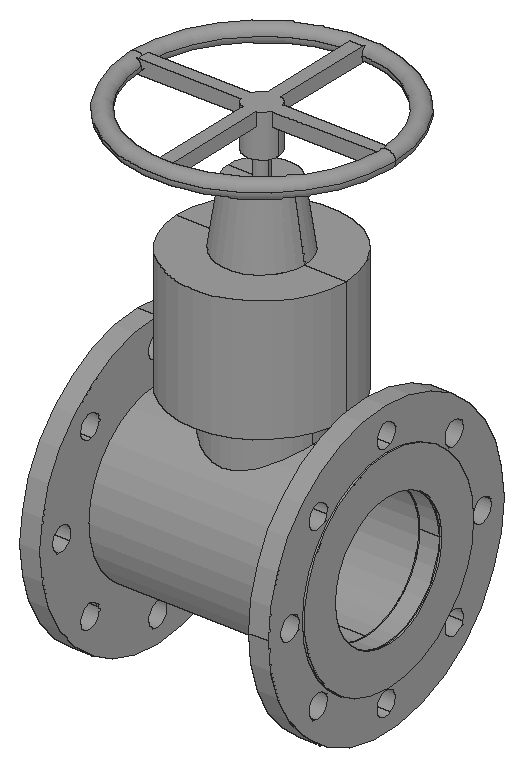
Revit family "2M_Gate Valve_UNIVAL_GAV-0302 - 50-300 mm", category Pipe Accessories, Revit 2016
Family settings
  Part Type = Valve - Breaks Into
  Round Connector Dimension = Use Diameter
  OmniClass Number = 23.65.55.14.17
  OmniClass Title = Adjusting/Controlling Valves for Liquid Services
  Work Plane-Based = No
  Always vertical = Yes
  Cut with Voids When Loaded = No
  Shared = No
Parameters (values of type "DN100")
  WheelBed_L = L / 150 * 25  # 31.667 mm
  Symbol_w = L * 0.58  # 110.2 mm
  K Coefficient Table = "Gate Valve Flanged"
  Gasket Material = "EPDM"
  Flange_w = 17 mm
  Flange = M_Flange - 15-450 mm : DN100
  Disc Material = "Elastomer coated"
  D = 220 mm
  Body_y2 = L / 4  # 47.5 mm
  Body_y1 = DN / 2 + 40 mm  # 90 mm
  Body_r2 = L / 150 * 30  # 38 mm
  Body_r1 = L / 150 * 50  # 63.333 mm
  Connection_r = DN / 2  # 50 mm
  Wheel_D = L / 150 * 10  # 12.667 mm
  WheelProfile_w = L / 150 * 8  # 10.133 mm
  WheelCenter_r = (C - Wheel_D) / 2  # 93.667 mm
  WheelBed_D = L / 150 * 20  # 25.333 mm
  Shaft_L = L / 150 * 15  # 19 mm
  Shaft_D = L / 150 * 8  # 10.133 mm
  L1 = L - 2 * Flange_w  # 156 mm
  L = 190 mm
  built-in parameter 1114242 [instance] = 1
  URL = "http://www.unival.com.tr/"
  Pressure Rating = "PN16 / PN25"
  Model = "GAV-0302X100"
  Max. Working Temperature = "120°C"
  Manufacturer = "Giacomini Unival\r\nGiacomini Unival\r\nGiacomini Unival"
  Loss Method = K Coefficient from Table
  H = 281 mm
  Colour = UNIVAL_Blue
  Description TR = "Sürgülü vana"
  Description = "Gate valve"
  DN = 100 mm
  Connection Type = "Flanged"
  Body Material = "Ductile iron"
  C = 200 mm
Types (9, lengths in mm): name | WheelBed_L | Symbol_w | Flange_w | Flange | D | Body_y2 | Body_y1 | Body_r2 | Body_r1 | Connection_r | Wheel_D | WheelProfile_w | WheelCenter_r | WheelBed_D | Shaft_L | Shaft_D | L1 | L | Model | H | DN | C
  DN50 | 25 | 87 | 17 | M_Flange - 15-450 mm : DN50 | 165 | 37.5 | 65 | 30 | 50 | 25 | 10 | 8 | 75 | 20 | 15 | 8 | 116 | 150 | "GAV-0302X050" | 197 | 50 | 160
  DN65 | 28.333 | 98.6 | 17 | M_Flange - 15-450 mm : DN65 | 185 | 42.5 | 72.5 | 34 | 56.667 | 32.5 | 11.333 | 9.067 | 94.333 | 22.667 | 17 | 9.067 | 136 | 170 | "GAV-0302X065" | 228 | 65 | 200
  DN80 | 30 | 104.4 | 17 | M_Flange - 15-450 mm : DN80 | 200 | 45 | 80 | 36 | 60 | 40 | 12 | 9.6 | 94 | 24 | 18 | 9.6 | 146 | 180 | "GAV-0302X080" | 254 | 80 | 200
  DN100 | 31.667 | 110.2 | 17 | M_Flange - 15-450 mm : DN100 | 220 | 47.5 | 90 | 38 | 63.333 | 50 | 12.667 | 10.133 | 93.667 | 25.333 | 19 | 10.133 | 156 | 190 | "GAV-0302X100" | 281 | 100 | 200
  DN125 | 33.333 | 116 | 17 | M_Flange - 15-450 mm : DN125 | 250 | 50 | 102.5 | 40 | 66.667 | 62.5 | 13.333 | 10.667 | 118.333 | 26.667 | 20 | 10.667 | 166 | 200 | "GAV-0302X125" | 340 | 125 | 250
  DN150 | 35 | 121.8 | 17 | M_Flange - 15-450 mm : DN150 | 285 | 52.5 | 115 | 42 | 70 | 75 | 14 | 11.2 | 118 | 28 | 21 | 11.2 | 176 | 210 | "GAV-0302X150" | 378 | 150 | 250
  DN200 | 38.333 | 133.4 | 18 | M_Flange - 15-450 mm : DN200 | 340 | 57.5 | 140 | 46 | 76.667 | 100 | 15.333 | 12.267 | 152.333 | 30.667 | 23 | 12.267 | 194 | 230 | "GAV-0302X200" | 460 | 200 | 320
  DN250 | 41.667 | 145 | 20 | M_Flange - 15-450 mm : DN250 | 400 | 62.5 | 165 | 50 | 83.333 | 125 | 16.667 | 13.333 | 174.667 | 33.333 | 25 | 13.333 | 210 | 250 | "GAV-0302X250" | 563 | 250 | 366
  DN300 | 45 | 156.6 | 22.5 | M_Flange - 15-450 mm : DN300 | 455 | 67.5 | 190 | 54 | 90 | 150 | 18 | 14.4 | 174 | 36 | 27 | 14.4 | 225 | 270 | "GAV-0302X300" | 643 | 300 | 366
Reference planes
  plane 1 "Center (Front/Back)": y = 0
  plane 2: z = 0
  plane 3 "Center (Left/Right)": x = 0
  plane 4: x = -78
  plane 5: x = 78
  plane 6: z = 50
  plane 7: z = 65
  plane 8: z = 230.333
  plane 9: z = 249.333
  plane 10: x = -63.333
  plane 11: x = 255
  plane 12: x = -38
  plane 13: y = 0
  plane 14: z = 281
  plane 15: z = 275.933
  plane 16: z = 270.867
  plane 17: z = 281
  plane 18: z = 90
  plane 19: z = 182.833
Forms (mm)
  Revolve 1, solid, material "UNIVAL_Blue", detail levels fine
    sketch origin (0, 0, 0) x (1, 0, 0) y (0, 0, 1)
      loop
        line (-38, 90) -> (-38, 50) -> (0, 50) -> (0, 230.333) -> (-25, 230.333) -> (-32.053, 182.833) -> (-63.333, 182.833) -> (-63.333, 90) -> (-38, 90)
      axis (0, 230.333) -> (0, 50)
    angle from 0 to 360
  Extrusion 2, solid, material "UNIVAL_Grey", detail levels fine
    sketch origin (-327.122, -1524, 212.565) x (-1, 0, 0) y (0, -1, 0)
      loop
        circle (-327.122, -1524) r 5.067
    from 17.768 to 36.768
  Revolve 3, solid, material "UNIVAL_Blue", detail levels fine
    sketch origin (-257, 0, 0) x (0, 0, 1) y (-1, 0, 0)
      loop
        line (65, -179) -> (50, -179) -> (50, -335) -> (65, -335) -> (65, -179)
      axis (0, -179) -> (0, -335)
    angle from 0 to 360
  Extrusion 4, solid, material "UNIVAL_Blue", detail levels fine
    sketch origin (-422.172, -1524, 275.933) x (-1, 0, 0) y (0, -1, 0)
      loop
        line (-328.505, -1518.933) -> (-515.839, -1518.933) -> (-515.839, -1529.067) -> (-328.505, -1529.067) -> (-328.505, -1518.933)
    from -5.067 to 5.067
  Extrusion 5, solid, material "UNIVAL_Blue", detail levels fine
    sketch origin (-298.248, -1524, 249.333) x (-1, 0, 0) y (0, -1, 0)
      loop
        circle (-298.248, -1524) r 12.667
    from 0 to 31.667
  Extrusion 6, solid, material "UNIVAL_Blue", detail levels fine
    sketch origin (4765.054, -262.362, 287) x (1, 0, 0) y (0, -1, 0)
      loop
        line (-4759.988, -168.696) -> (-4770.121, -168.696) -> (-4770.121, -356.029) -> (-4759.988, -356.029) -> (-4759.988, -168.696)
    from 6 to 16.133
  Revolve 7, solid, material "UNIVAL_Blue", detail levels fine
    sketch origin (2159.853, 0, 1200) x (1, 0, 0) y (0, 0, 1)
      loop
        circle (-2066.186, -924.067) r 6.333
      axis (-2159.853, -924.067) -> (-2159.853, -925.067)
    angle from 0 to 360
Cuts and joins
  joined: Extrusion 4, Extrusion 5, Extrusion 6
Lines and regions (mm)
  model lines, not visible
    curve 1: line (-95, 55.1, 0) -> (95, 55.1, 0)
    curve 3: line (95, -55.1, 0) -> (-95, -55.1, 0)
  model lines, detail levels coarse+medium
    curve 2: line (-95, -55.1, 0) -> (-95, 55.1, 0)
    curve 4: line (95, 55.1, 0) -> (95, -55.1, 0)
    curve 5: line (-95, 55.1, 0) -> (95, -55.1, 0)
    curve 6: line (95, 55.1, 0) -> (-95, -55.1, 0)
Dimensions and locks
  "Connection_r": plane 6 to level
  locked: plane 7 to plane 6 at 15
  equal spacing: plane 5, plane 3 "Center (Left/Right)", plane 4
  "L1": plane 5 to plane 4
  "Shaft_L": plane 9 to plane 8
  "Body_r1": plane 3 "Center (Left/Right)" to plane 10
  "Body_r2": plane 3 "Center (Left/Right)" to plane 12
  "WheelProfile_w": Extrusion 4 sketch curve to Extrusion 4 sketch curve
  equal spacing: Extrusion 4 sketch curve, plane 13, Extrusion 4 sketch curve
  equal spacing: Extrusion 4 sketch curve, plane 3 "Center (Left/Right)", Extrusion 4 sketch curve
  equal spacing: Extrusion 6 sketch curve, plane 3 "Center (Left/Right)", Extrusion 6 sketch curve
  "WheelProfile_w": Extrusion 6 sketch curve to Extrusion 6 sketch curve
  equal spacing: Extrusion 6 sketch curve, plane 13, Extrusion 6 sketch curve
  "WheelCenter_r": Revolve 7 sketch curve to Revolve 7 sketch curve
  "WheelCenter_r": Extrusion 4 sketch curve to plane 3 "Center (Left/Right)"
  "WheelCenter_r": Extrusion 6 sketch curve to plane 13
  equal spacing: plane 17, plane 15, plane 16
  "WheelProfile_w": plane 17 to plane 16
  "H": plane 17 to level
  "Body_y1": plane 18 to level
  "Body_y2": plane 8 to plane 19
  "H": plane 14 to level
  "WheelBed_L": plane 14 to plane 9
  equal spacing: curve 1, plane 13, curve 3
  "Symbol_w": curve 1 to curve 3
  equal spacing: curve 2, plane 3 "Center (Left/Right)", curve 4
  "L": curve 2 to curve 4
  "Shaft_D": diameter of Extrusion 2 sketch curve
  "WheelBed_D": diameter of Extrusion 5 sketch curve
  "Wheel_D": diameter of Revolve 7 sketch curve
  aligned and locked: level to plane 2
  aligned and locked: plane 3 "Center (Left/Right)" to Extrusion 2 sketch curve
  aligned and locked: plane 1 "Center (Front/Back)" to Extrusion 2 sketch curve
  aligned and locked: Revolve 3 sketch curve to plane 5
  aligned and locked: plane 4 to Revolve 3 sketch curve
  aligned and locked: Revolve 3 sketch curve to level
  aligned and locked: plane 6 to Revolve 3 sketch curve
  aligned and locked: Revolve 3 sketch curve to plane 7
  aligned and locked: plane 8 to Revolve 1
  aligned and locked: Extrusion 2 to plane 8
  aligned and locked: plane 9 to Extrusion 2
  aligned and locked: plane 10 to Revolve 1 sketch curve
  aligned and locked: plane 12 to Revolve 1 sketch curve
  aligned and locked: plane 6 to Revolve 1 sketch curve
  aligned and locked: Extrusion 6 to Extrusion 4  (x2)
  aligned and locked: plane 13 to Extrusion 5 sketch curve
  aligned and locked: Extrusion 5 to plane 9
  aligned and locked: plane 14 to Extrusion 5
  aligned and locked: plane 15 to Revolve 7 sketch curve
  aligned and locked: Extrusion 6 to plane 16
  aligned and locked: plane 17 to Extrusion 6
  aligned and locked: Revolve 7 sketch curve to plane 3 "Center (Left/Right)"
  aligned and locked: plane 1 "Center (Front/Back)" to plane 13
  aligned and locked: plane 18 to Revolve 1
  aligned and locked: plane 19 to Revolve 1
  aligned and locked: nested 1 to plane 2
  aligned and locked: nested 1 to plane 13
  aligned and locked: plane 2 to nested 2
  aligned and locked: plane 13 to nested 2
  aligned and locked: plane 13 to connector elem
  aligned and locked: connector elem to plane 13
Automatic sketch dimensions
  plane 11 to Revolve 3 sketch curve = 607.721 mm
  Revolve 3 sketch curve to plane 4 = 342.554 mm
  Revolve 1 sketch curve to plane 8 = 0 mm
  Revolve 1 sketch curve to plane 3 "Center (Left/Right)" = 0 mm  (x2)
  Revolve 1 sketch curve to plane 18 = 0 mm
  plane 12 to Revolve 1 sketch curve = 13 mm
  plane 12 to Revolve 1 sketch curve = 5.947 mm
  Revolve 1 sketch curve to plane 18 = 6.932 mm
  plane 18 to Revolve 1 sketch curve = 5.768 mm
  Revolve 1 sketch curve to plane 19 = 0 mm
  Extrusion 5 sketch curve to plane 3 "Center (Left/Right)" = 0 mm
  Revolve 7 sketch curve to plane 14 = 0 mm
  Revolve 7 sketch curve to level = 528.324 mm
Nested families
  nested 1: "M_Flange - 15-450 mm" at (78, 0, 0) x (0, 1, 0) z (1, 0, 0), type <- "Flange", type "DN100", detail levels fine
  nested 2: "M_Flange - 15-450 mm" at (-78, 0, 0) x (0, 0, 1) z (-1, 0, 0), type <- "Flange", type "DN100", detail levels fine
Connectors
  piping at (-95, 0, 0), diameter 100, driven by "DN"
    settings: on nested 2, index 1, connector inside diameter 609.6 mm, connector length 0 mm, flow factor 0, pipe flow 0.0 L/s, pressure drop 0.0 Pa, fitting loss kfactor 0, connector angle 0.00°, fixture units 0, engagement length 0 mm, angle of deflection 0.00°, flow configuration 0, flow direction 0, fitting loss method 0, system type 29, joint type 0, gender type 0, connector reference index -1, connector utility 0, adjustable connector no, is connector primary yes, connector description ""
  piping at (95, 0, 0), diameter 100, driven by "DN"
    settings: on nested 1, index 2, connector inside diameter 609.6 mm, connector length 0 mm, flow factor 0, pipe flow 0.0 L/s, pressure drop 0.0 Pa, fitting loss kfactor 0, connector angle 0.00°, fixture units 0, engagement length 0 mm, angle of deflection 0.00°, flow configuration 0, flow direction 0, fitting loss method 0, system type 29, joint type 0, gender type 0, connector reference index -1, connector utility 0, adjustable connector no, is connector primary no, connector description ""
Definition of nested family "M_Flange - 15-450 mm"
  Parameters (values of type "DN80")
    Hole_r = 9 mm
    Hole_number = 8
    Hole_dist = 80 mm
    Gasket_d = 2 mm
    Gasket_ro = 69 mm
    Gasket_ri = 40 mm
    Gasket colour = none
    Flange_d = 15 mm
    Flange_ro = 100 mm
    Default Elevation = 2500 mm
    Colour = none
  Types (17, lengths in mm): name | Hole_r | Hole_number | Hole_dist | Gasket_d | Gasket_ro | Gasket_ri | Flange_d | Flange_ro
    DN300 | 14 | 12 | 205 | 2.5 | 189 | 150 | 20 | 228
    DN350 | 14 | 16 | 235 | 4 | 219 | 175 | 22.5 | 260
    DN400 | 15 | 16 | 263 | 4 | 245 | 200 | 24 | 290
    DN450 | 15 | 20 | 293 | 5 | 275 | 225 | 25 | 320
    DN100 | 9 | 8 | 90 | 2 | 79 | 50 | 15 | 110
    DN25 | 7 | 4 | 43 | 2 | 34 | 13 | 15 | 58
    DN250 | 14 | 12 | 178 | 3 | 160 | 125 | 17 | 200
    DN200 | 11 | 12 | 149 | 3 | 134 | 100 | 15 | 170
    DN150 | 11 | 8 | 120 | 2 | 106 | 75 | 15 | 143
    DN80 | 9 | 8 | 80 | 2 | 69 | 40 | 15 | 100
    DN65 | 9 | 4 | 73 | 2 | 61 | 33 | 15 | 93
    DN50 | 9 | 4 | 63 | 2 | 51 | 25 | 15 | 83
    DN40 | 9 | 4 | 55 | 2 | 44 | 20 | 15 | 75
    DN32 | 9 | 4 | 50 | 2 | 39 | 16 | 15 | 70
    DN15 | 7 | 4 | 33 | 2 | 23 | 8 | 15 | 48
    DN125 | 11 | 8 | 104 | 2 | 83 | 63 | 15 | 125
    DN20 | 7 | 4 | 38 | 2 | 29 | 10 | 15 | 53
  Reference planes
    plane 1 "Center (Front/Back)": y = 0
    plane 2: z = 0
    plane 3 "Center (Left/Right)": x = 0
    plane 4: z = 17
    plane 5 "Extr": z = 15
  Forms (mm)
    Extrusion 1, solid
      sketch origin (0, 0, 0) x (1, 0, 0) y (0, 1, 0)
        loop
          line (-1219.2, 1219.2) -> (-1219.2, -1219.2) -> (1219.2, -1219.2) -> (1219.2, 1219.2) -> (-1219.2, 1219.2)
      from 0 to -304.8
    Extrusion 2, solid, material <- "Gasket colour"
      sketch origin (1219.2, -4572, 15) x (0, -1, 0) y (-1, 0, 0)
        loop
          circle (-4572, 1219.2) r 40
        loop
          circle (-4572, 1219.2) r 69
      from 0 to -2
    Extrusion 3, solid, material <- "Colour"
      sketch origin (0, 0, 0) x (1, 0, 0) y (0, 1, 0)
        loop
          circle (0, 0) r 100
        loop
          circle (0, 0) r 40
      from 0 to 15
    Extrusion 4, void
      sketch origin (-125, 0, 0) x (0.866025, 0.5, 0) y (-0.5, 0.866025, 0)
        loop
          circle (177.535, -102.5) r 9
      from 0 to 15 <- "Flange_d"
    Extrusion 5, void
      sketch origin (-88.388, 88.388, 0) x (0.965926, -0.258819, 0) y (0.258819, 0.965926, 0)
        loop
          circle (177.535, -102.5) r 9
      from 0 to 15 <- "Flange_d"
    Extrusion 6, void
      sketch origin (-88.388, -88.388, 0) x (0.258819, 0.965926, 0) y (-0.965926, 0.258819, 0)
        loop
          circle (177.535, -102.5) r 9
      from 0 to 15 <- "Flange_d"
    Extrusion 7, void
      sketch origin (0, -125, 0) x (-0.5, 0.866025, 0) y (-0.866025, -0.5, 0)
        loop
          circle (177.535, -102.5) r 9
      from 0 to 15 <- "Flange_d"
    Extrusion 8, void
      sketch origin (88.388, -88.388, 0) x (-0.965926, 0.258819, 0) y (-0.258819, -0.965926, 0)
        loop
          circle (177.535, -102.5) r 9
      from 0 to 15 <- "Flange_d"
    Extrusion 9, void
      sketch origin (125, 0, 0) x (-0.866025, -0.5, 0) y (0.5, -0.866025, 0)
        loop
          circle (177.535, -102.5) r 9
      from 0 to 15 <- "Flange_d"
    Extrusion 10, void
      sketch origin (88.388, 88.388, 0) x (-0.258819, -0.965926, 0) y (0.965926, -0.258819, 0)
        loop
          circle (177.535, -102.5) r 9
      from 0 to 15 <- "Flange_d"
    Extrusion 11, void
      sketch origin (0, 125, 0) x (0.5, -0.866025, 0) y (0.866025, 0.5, 0)
        loop
          circle (177.535, -102.5) r 9
      from 0 to 15 <- "Flange_d"
  Cuts and joins
    Extrusion 4, Extrusion 5, Extrusion 6, Extrusion 7, Extrusion 8, Extrusion 9, Extrusion 10, Extrusion 11 cuts Extrusion 3
  Dimensions and locks
    "Flange_d": plane 5 "Extr" to plane 2
    "Gasket_d": plane 4 to plane 5 "Extr"
    "Gasket_ri": radius of Extrusion 2 sketch curve
    "Gasket_ro": radius of Extrusion 2 sketch curve
    "Flange_ro": radius of Extrusion 3 sketch curve
    "Hole_r": radius of Extrusion 4 sketch curve
    "Hole_r": radius of Extrusion 5 sketch curve
    "Hole_r": radius of Extrusion 6 sketch curve
    "Hole_dist": radius of radial array
    "Hole_r": radius of Extrusion 7 sketch curve
    "Hole_r": radius of Extrusion 8 sketch curve
    "Hole_r": radius of Extrusion 9 sketch curve
    "Hole_r": radius of Extrusion 10 sketch curve
    "Hole_r": radius of Extrusion 11 sketch curve
    aligned and locked: plane 2 to Extrusion 1
    aligned and locked: level to Extrusion 1
    aligned and locked: plane 5 "Extr" to Extrusion 3
    aligned and locked: plane 4 to Extrusion 2
    aligned and locked: plane 5 "Extr" to Extrusion 2
    aligned and locked: Extrusion 3 sketch curve to Extrusion 2
  Automatic sketch dimensions
    Extrusion 1 sketch curve to Extrusion 1 sketch curve = 2438.4 mm  (x2)
    Extrusion 2 sketch curve to Extrusion 2 sketch curve = 0 mm  (x2)
    plane 1 "Center (Front/Back)" to Extrusion 2 sketch curve = 0 mm
    Extrusion 2 sketch curve to plane 3 "Center (Left/Right)" = 0 mm
    Extrusion 3 sketch curve to Extrusion 3 sketch curve = 0 mm  (x2)
